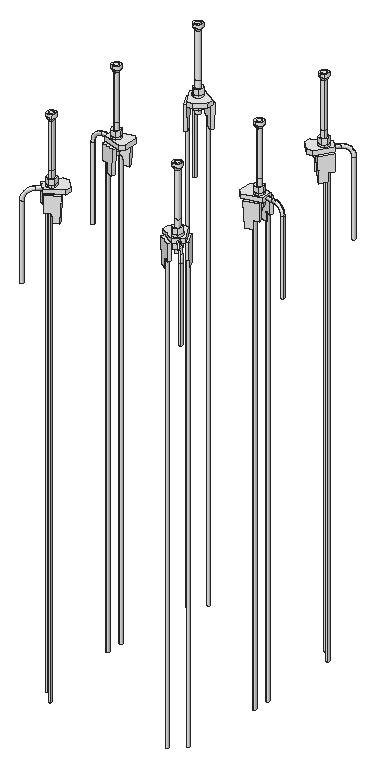
Revit family "8044ad941d144f5195dd5b1ef7dc6048", category Structural Connections, host Face, Revit 2021
Family settings
  Host = Face
  Material for Model Behavior = Other
  Enable cutting in views = No
  Cut with Voids When Loaded = Yes
  Shared = No
Parameters (values of type "HCC 16-640H")
  l = 0' - 11.81102"
  h [instance] = 1' - 11.62205"
  f = 0' - 4.13386"
  b [instance] = 1' - 3.74803"
  a = 0' - 1.9685"
  X = 0' - 1.1811"
  Type Comments = "Mountingpart"
  T = 0' - 0.59055"
  Phi = 0' - 1.06299"
  L [instance] = 4' - 11.05512"
  K = 0' - 4.40945"
  E = 0' - 1.9685"
  Default Elevation = 0' - 0"
  D = 0' - 5.35433"
  Column Shoe Type = Column Shoe and Anchor Bolt : HCC 16-640H
  Column Shoe Material [instance] = Metal - Steel - S235
  C = 0' - 3.46457"
Types (10): name | l | h | f | b | T | Phi | K | E | D | Column Shoe Type | C
  HCC 16-640H | 0' - 11.81102" | 1' - 11.62205" | 0' - 4.13386" | 1' - 3.74803" | 0' - 0.59055" | 0' - 1.06299" | 0' - 4.40945" | 0' - 1.9685" | 0' - 5.35433" | Column Shoe and Anchor Bolt : HCC 16-640H | 0' - 3.46457"
  HCC 16-640S | 0' - 11.81102" | 2' - 7.49606" | 0' - 4.13386" | 1' - 3.74803" | 0' - 0.59055" | 0' - 1.06299" | 0' - 4.40945" | 0' - 1.9685" | 0' - 5.35433" | Column Shoe and Anchor Bolt : HCC 16-640S | 0' - 3.46457"
  HCC 20-830H | 1' - 5.71654" | 2' - 7.49606" | 0' - 4.52756" | 1' - 3.74803" | 0' - 0.7874" | 0' - 1.1811" | 0' - 4.6063" | 0' - 1.9685" | 0' - 5.55118" | Column Shoe and Anchor Bolt : HCC 20-830H | 0' - 3.74016"
  HCC 20-830S | 1' - 5.71654" | 2' - 7.49606" | 0' - 4.52756" | 1' - 3.74803" | 0' - 0.7874" | 0' - 1.1811" | 0' - 4.6063" | 0' - 1.9685" | 0' - 5.55118" | Column Shoe and Anchor Bolt : HCC 20-830S | 0' - 3.74016"
  HCC 24-905H | 1' - 9.65354" | 2' - 7.49606" | 0' - 5.11811" | 1' - 3.74803" | 0' - 0.98425" | 0' - 1.37795" | 0' - 4.84252" | 0' - 1.9685" | 0' - 5.90551" | Column Shoe and Anchor Bolt : HCC 24-905H | 0' - 4.17323"
  HCC 24-905S | 1' - 9.65354" | 2' - 7.49606" | 0' - 5.11811" | 1' - 3.74803" | 0' - 0.98425" | 0' - 1.37795" | 0' - 4.84252" | 0' - 0.7874" | 0' - 5.90551" | Column Shoe and Anchor Bolt : HCC 24-905S | 0' - 4.17323"
  HCC 30-1100H | 2' - 7.49606" | 4' - 11.05512" | 0' - 5.90551" | 2' - 7.49606" | 0' - 1.37795" | 0' - 1.5748" | 0' - 5.90551" | 0' - 1.9685" | 0' - 11.33858" | Column Shoe and Anchor Bolt : HCC 30-1100H | 0' - 4.68504"
  HCC 30-1100S | 2' - 7.49606" | 4' - 11.05512" | 0' - 5.90551" | 3' - 3.37008" | 0' - 1.37795" | 0' - 1.5748" | 0' - 5.90551" | 0' - 1.9685" | 0' - 11.33858" | Column Shoe and Anchor Bolt : HCC 30-1100S | 0' - 4.68504"
  HCC M30-1200H | 3' - 5.33858" | 2' - 7.49606" | 0' - 6.49606" | 1' - 3.74803" | 0' - 1.77165" | 0' - 1.77165" | 0' - 6.81102" | 0' - 1.9685" | 0' - 8.66142" | Column Shoe and Anchor Bolt : HCC M30-1200H | 0' - 5.27559"
  HCC M30-1200S | 3' - 5.33858" | 4' - 11.05512" | 0' - 6.49606" | 3' - 3.37008" | 0' - 1.77165" | 0' - 1.77165" | 0' - 6.81102" | 0' - 1.9685" | 0' - 8.66142" | Column Shoe and Anchor Bolt : HCC M30-1200S | 0' - 5.27559"
Reference planes (in)
  plane 1 "Center (Front/Back)": y = 0
  plane 2: z = 0
  plane 3 "Center (Left/Right)": x = 0
  plane 4: y = 11.81102
  plane 5: y = -11.81102
  plane 6: x = -7.87402
  plane 7: x = 7.87402
  plane 8: y = 10.62992
  plane 9: y = -10.62992
  plane 10: x = -6.69291
  plane 11: x = 6.69291
  plane 12: y = 3.93701
  plane 13: y = -3.93701
Lines and regions (in)
  reference lines
    curve 1: line (-7.87402, -3.93701, 0) -> (7.87402, 11.81102, 0)
    curve 2: line (7.87402, 3.93701, 0) -> (-7.87402, -11.81102, 0)
    curve 3: line (7.87402, -11.81102, 0) -> (-7.87402, 3.93701, 0)
    curve 4: line (-7.87402, 11.81102, 0) -> (7.87402, -3.93701, 0)
    curve 5: line (-7.87402, 10.62992, 0) -> (-6.69291, 11.81102, 0)
    curve 6: line (6.69291, 11.81102, 0) -> (7.87402, 10.62992, 0)
    curve 7: line (-7.87402, -10.62992, 0) -> (-6.69291, -11.81102, 0)
    curve 8: line (6.69291, -11.81102, 0) -> (7.87402, -10.62992, 0)
Dimensions and locks (in)
  equal spacing: plane 4, plane 1 "Center (Front/Back)", plane 5
  equal spacing: plane 6, plane 3 "Center (Left/Right)", plane 7
  "b": plane 6 to plane 7
  "h": plane 4 to plane 5
  "b": plane 12 to plane 5
  "b": plane 4 to plane 13
  "X": plane 4 to plane 8
  "X": plane 5 to plane 9
  "X": plane 6 to plane 10
  "X": plane 11 to plane 7
  aligned and locked: plane 2 to host face
  aligned and locked: level to host face
  aligned and locked: plane 4 to curve 4
  aligned and locked: plane 6 to curve 4
  aligned and locked: plane 12 to curve 3
  aligned and locked: plane 6 to curve 3
  aligned and locked: plane 13 to curve 1
  aligned and locked: plane 6 to curve 1
  aligned and locked: plane 5 to curve 2
  aligned and locked: plane 6 to curve 2
  aligned and locked: plane 4 to curve 1
  aligned and locked: plane 7 to curve 1
  aligned and locked: plane 12 to curve 2
  aligned and locked: plane 7 to curve 2
  aligned and locked: plane 13 to curve 4
  aligned and locked: plane 7 to curve 4
  aligned and locked: plane 5 to curve 3
  aligned and locked: plane 7 to curve 3
  aligned and locked: plane 8 to curve 5
  aligned and locked: plane 6 to curve 5
  aligned and locked: plane 10 to curve 5
  aligned and locked: plane 4 to curve 5
  aligned and locked: plane 4 to curve 6
  aligned and locked: plane 11 to curve 6
  aligned and locked: plane 8 to curve 6
  aligned and locked: plane 7 to curve 6
  aligned and locked: plane 9 to curve 7
  aligned and locked: plane 6 to curve 7
  aligned and locked: plane 5 to curve 7
  aligned and locked: plane 10 to curve 7
  aligned and locked: plane 5 to curve 8
  aligned and locked: plane 11 to curve 8
  aligned and locked: plane 9 to curve 8
  aligned and locked: plane 7 to curve 8
  aligned and locked: nested 1 to curve 4
  aligned and locked: nested 1 to curve 5
  aligned and locked: curve 1 to nested 5
  aligned and locked: nested 5 to curve 6
  aligned and locked: curve 2 to nested 3
  aligned and locked: nested 3 to curve 7
  aligned and locked: nested 7 to curve 3
  aligned and locked: nested 7 to curve 8
  aligned and locked: plane 6 to nested 9
  aligned and locked: nested 9 to plane 1 "Center (Front/Back)"
  aligned and locked: plane 7 to nested 11
  aligned and locked: plane 1 "Center (Front/Back)" to nested 11
Automatic sketch dimensions
  host sketch curve to host sketch curve = 8' - 0"  (x2)
Nested families (in)
  nested 1: "Column Shoe and Anchor Bolt" at (-10.93035, 14.86736, 0) x (0.7071, 0.7071, 0) z (0, 0, -1), type <- "Column Shoe Type", Column Shoe Material <- "Column Shoe Material", L <- "L", type "HCC 16-640H"
    with L 4' - 11.05512", Column Shoe Material Metal - Steel - S235
  nested 2: "HAB" at (-8.66142, 12.59843, -0.59055) x (0.7071, 0.7071, 0) z (0, 0, -1), type "HAB H16"
    with Anchor Bolt Material Metal - Steel - S235, l2 0' - 6.88976", l 0' - 11.02362", f1 0' - 1.5748", f 0' - 4.13386", r3 0' - 0.31496", r1 0' - 0.31496", d3 0' - 0.62992", d1 0' - 0.62992", Washers Radius 0' - 0.6378", T 0' - 0.59055", Phi 0' - 1.06299", Nut Width 0' - 1.10469", Cap Radius 0' - 0.56693"
  nested 3: "Column Shoe and Anchor Bolt" at (-10.93035, -14.86736, 0) x (-0.7071, 0.7071, 0) z (0, 0, -1), type <- "Column Shoe Type", Column Shoe Material <- "Column Shoe Material", L <- "L", type "HCC 16-640H"
    with L 4' - 11.05512", Column Shoe Material Metal - Steel - S235
  nested 4: "HAB" at (-8.66142, -12.59843, -0.59055) x (-0.7071, 0.7071, 0) z (0, 0, -1), type "HAB H16"
    with Anchor Bolt Material Metal - Steel - S235, l2 0' - 6.88976", l 0' - 11.02362", f1 0' - 1.5748", f 0' - 4.13386", r3 0' - 0.31496", r1 0' - 0.31496", d3 0' - 0.62992", d1 0' - 0.62992", Washers Radius 0' - 0.6378", T 0' - 0.59055", Phi 0' - 1.06299", Nut Width 0' - 1.10469", Cap Radius 0' - 0.56693"
  nested 5: "Column Shoe and Anchor Bolt" at (10.93035, 14.86736, 0) x (0.7071, -0.7071, 0) z (0, 0, -1), type <- "Column Shoe Type", Column Shoe Material <- "Column Shoe Material", L <- "L", type "HCC 16-640H"
    with L 4' - 11.05512", Column Shoe Material Metal - Steel - S235
  nested 6: "HAB" at (8.66142, 12.59843, -0.59055) x (0.7071, -0.7071, 0) z (0, 0, -1), type "HAB H16"
    with Anchor Bolt Material Metal - Steel - S235, l2 0' - 6.88976", l 0' - 11.02362", f1 0' - 1.5748", f 0' - 4.13386", r3 0' - 0.31496", r1 0' - 0.31496", d3 0' - 0.62992", d1 0' - 0.62992", Washers Radius 0' - 0.6378", T 0' - 0.59055", Phi 0' - 1.06299", Nut Width 0' - 1.10469", Cap Radius 0' - 0.56693"
  nested 7: "Column Shoe and Anchor Bolt" at (10.93035, -14.86736, 0) x (-0.7071, -0.7071, 0) z (0, 0, -1), type <- "Column Shoe Type", Column Shoe Material <- "Column Shoe Material", L <- "L", type "HCC 16-640H"
    with L 4' - 11.05512", Column Shoe Material Metal - Steel - S235
  nested 8: "HAB" at (8.66142, -12.59843, -0.59055) x (-0.7071, -0.7071, 0) z (0, 0, -1), type "HAB H16"
    with Anchor Bolt Material Metal - Steel - S235, l2 0' - 6.88976", l 0' - 11.02362", f1 0' - 1.5748", f 0' - 4.13386", r3 0' - 0.31496", r1 0' - 0.31496", d3 0' - 0.62992", d1 0' - 0.62992", Washers Radius 0' - 0.6378", T 0' - 0.59055", Phi 0' - 1.06299", Nut Width 0' - 1.10469", Cap Radius 0' - 0.56693"
  nested 9: "Column Shoe and Anchor Bolt" at (-13.0315, 0, 0) x (0, 1, 0) z (0, 0, -1), type <- "Column Shoe Type", Column Shoe Material <- "Column Shoe Material", L <- "L", type "HCC 16-640H"
    with L 4' - 11.05512", Column Shoe Material Metal - Steel - S235
  nested 10: "HAB" at (-9.82274, 0, -0.59055) x (0, 1, 0) z (0, 0, -1), type "HAB H16"
    with Anchor Bolt Material Metal - Steel - S235, l2 0' - 6.88976", l 0' - 11.02362", f1 0' - 1.5748", f 0' - 4.13386", r3 0' - 0.31496", r1 0' - 0.31496", d3 0' - 0.62992", d1 0' - 0.62992", Washers Radius 0' - 0.6378", T 0' - 0.59055", Phi 0' - 1.06299", Nut Width 0' - 1.10469", Cap Radius 0' - 0.56693"
  nested 11: "Column Shoe and Anchor Bolt" at (13.0315, 0, 0) x (0, -1, 0) z (0, 0, -1), type <- "Column Shoe Type", Column Shoe Material <- "Column Shoe Material", L <- "L", type "HCC 16-640H"
    with L 4' - 11.05512", Column Shoe Material Metal - Steel - S235
  nested 12: "HAB" at (9.82274, 0, -0.59055) x (0, -1, 0) z (0, 0, -1), type "HAB H16"
    with Anchor Bolt Material Metal - Steel - S235, l2 0' - 6.88976", l 0' - 11.02362", f1 0' - 1.5748", f 0' - 4.13386", r3 0' - 0.31496", r1 0' - 0.31496", d3 0' - 0.62992", d1 0' - 0.62992", Washers Radius 0' - 0.6378", T 0' - 0.59055", Phi 0' - 1.06299", Nut Width 0' - 1.10469", Cap Radius 0' - 0.56693"
Definition of nested family "Column Shoe and Anchor Bolt"
  Parameters
    Type Comments = "Mountingpart"
    Phi = 0' - 1.06299"
    Semi Phi = 0.5 * Phi  # 0' - 0.5315"
    y2 = C * sin(45.00°)  # 0' - 2.44982"
    y1 = (E - X) * sin(45.00°)  # 0' - 0.55678"
    x3 = E * (2 * sin(45.00°) - C / d)  # 0' - 1.46153"
    x2 = 2 * E * sin(45.00°)  # 0' - 2.78388"
    x1 = 2 * X * sin(45.00°)  # 0' - 1.67033"
    t1 = 0' - 0.3937"
    f = 0' - 4.13386"
    a = 0' - 1.9685"
    X = 0' - 1.1811"
    l = 0' - 11.81102"
    k1 = d * sin(45.00°) + 0.5 * X  # 0' - 4.23744"
    d = D - R1  # 0' - 5.15748"
    T = 0' - 0.59055"
    O3 = 0' - 0.59055"
    O4 = 0' - 0.7874"
    O2 = 0' - 0.19685"
    O1 = 0' - 0.3937"
    L [instance] = 4' - 11.05512"
    Real K = R1 + k1  # 0' - 4.43429"
    e1 = (2 * E - X) * sin(45.00°)  # 0' - 1.94872"
    K = 0' - 4.40945"
    E = 0' - 1.9685"
    Default Elevation = 0' - 0"
    Semi dbr = 7 * R2  # 0' - 1.37795"
    D = 0' - 5.35433"
    Column Shoe Material [instance] = none
    C = 0' - 3.46457"
    R2 = 0' - 0.19685"
    R1 = 0' - 0.19685"
    Bolt Type = HAB : HAB H16
    B2 = B - 0' 1.1811"  # 0' - 2.16535"
    B = 0' - 3.34646"
  Reference planes (in)
    plane 1 "Center (Front/Back)": y = 0
    plane 2: z = 0
    plane 3 "Center (Left/Right)": x = 0
    plane 4: z = 0.59055
    plane 5: z = 0.29528
    plane 6: z = 11.81102
    plane 7: z = 3.93701
    plane 8: z = 2.75591
    plane 9: y = 5.15748
    plane 10: x = -1.39194
    plane 11: x = 1.39194
    plane 12: y = 4.6007
    plane 13: y = 2.15088
    plane 14: x = -0.83517
    plane 15: x = 0.83517
    plane 16: x = -0.73077
    plane 17: x = 0.73077
    plane 18: y = 3.20876
    plane 19: y = 2.93829
    plane 20: z = 62.99213
  Forms (in)
    Extrusion 1, solid
      sketch origin (0, 0, 0) x (1, 0, 0) y (0, 1, 0)
        loop
          line (-48, 48) -> (-48, -48) -> (48, -48) -> (48, 48) -> (-48, 48)
      from 0 to -12
    Sweep 2, solid, material <- "Column Shoe Material"
      path in 3D
        loop
          line (0, 0, 11.81102) -> (0, 0, 1.67323)
          arc (0, 0, 1.67323) -> (0, 0.40359, 0.69887) -> (0, 1.37795, 0.29528) r 1.37795
          line (0, 1.37795, 0.29528) -> (0, 2.81506, 0.29528)
      profile origin (0, 0.40359, 0.69887) x (0, 0.707107, 0.707107) y (1, 0, 0)
        loop
          circle (0, 0) r 0.19685
    Extrusion 3, void
      sketch origin (-0.03635, 4.65317, 0) x (1, 0, 0) y (0, 1, 0)
        loop
          circle (0.03635, -1.44441) r 0.5315
      from 0 to 3.93701
    Blend 4, solid, material <- "Column Shoe Material"
      base sketch origin (-0.18342, 0.17505, 0) x (-1, 0, 0) y (0, -1, 0)
        loop
          line (-1.47277, -4.04555) -> (-0.96547, -2.16589) -> (-1.34557, -2.0633) -> (-1.85287, -3.94297) -> (-1.47277, -4.04555)
      top sketch origin (-0.18342, 0.17505, 0) x (-1, 0, 0) y (0, -1, 0)
        loop
          line (-1.42148, -3.8555) -> (-0.96547, -2.16589) -> (-1.34557, -2.0633) -> (-1.80158, -3.75292) -> (-1.42148, -3.8555)
      from 0.59055 to 3.93701
    Extrusion 5, solid, material <- "Column Shoe Material"
      sketch origin (1.96539, -0.28862, 0) x (1, 0, 0) y (0, 1, 0)
        loop
          circle (-3.11256, 3.22691) r 0.19685
        loop
          circle (-0.81822, 3.22691) r 0.19685
      from 2.75591 to 62.99213
    Extrusion 6, void
      sketch origin (0, -1.92772, 0) x (0, -1, 0) y (0, 0, 1)
        loop
          line (-4.07861, 3.93701) -> (-4.86601, 3.93701) -> (-4.86601, 2.75591) -> (-4.07861, 2.75591) -> (-4.07861, 3.93701)
      from -1.39194 to 1.39194
    Extrusion 7, solid, material <- "Column Shoe Material"
      sketch origin (0, 0, 0) x (1, 0, 0) y (0, 1, 0)
        loop
          line (0.83517, 5.15748) -> (-0.83517, 5.15748) -> (-1.39194, 4.6007) -> (-0.73077, 2.15088) -> (0.73077, 2.15088) -> (1.39194, 4.6007) -> (0.83517, 5.15748)
        loop
          circle (0, 3.20876) r 0.5315
      from 0 to 0.59055
    Blend 8, solid, material <- "Column Shoe Material"
      base sketch origin (0.18342, 0.17505, 0) x (1, 0, 0) y (0, 1, 0)
        loop
          line (-1.47277, 4.04555) -> (-1.85287, 3.94297) -> (-1.34557, 2.0633) -> (-0.96547, 2.16589) -> (-1.47277, 4.04555)
      top sketch origin (0.18342, 0.17505, 0) x (1, 0, 0) y (0, 1, 0)
        loop
          line (-1.42148, 3.8555) -> (-1.80158, 3.75292) -> (-1.34557, 2.0633) -> (-0.96547, 2.16589) -> (-1.42148, 3.8555)
      from 0.59055 to 3.93701
  Cuts and joins
    Extrusion 3, Extrusion 6 cuts Sweep 2
    joined: Sweep 2, Extrusion 7
    Extrusion 6 cuts Blend 4
    Extrusion 6 cuts Blend 8
  Lines and regions (in)
    reference lines
      curve 1: line (0, 3.24836, 0.29528) -> (0, 1.37795, 0.29528)
      curve 2: line (0, 0, 1.67323) -> (0, 0, 11.81102)
      curve 3: arc (0, 0, 1.67323) -> (0, 0.40359, 0.69887) -> (0, 1.37795, 0.29528) r 1.37795
      curve 7: line (0.73077, 2.15088, 0) -> (1.39194, 4.6007, 0)
      curve 8: line (-0.73077, 2.15088, 0) -> (-1.39194, 4.6007, 0)
    sketch lines
      curve 4: arc (0, 0, 1.67323) -> (0, 0.40359, 0.69887) -> (0, 1.37795, 0.29528) r 1.37795
      curve 5: line (0, 2.81506, 0.29528) -> (0, 1.37795, 0.29528)
      curve 6: line (0, 0, 1.67323) -> (0, 0, 11.81102)
  Dimensions and locks (in)
    "T": plane 4 to level
    "l": plane 6 to plane 2
    equal spacing: plane 4, plane 5, plane 2
    "B": plane 7 to plane 4
    "B2": plane 4 to plane 8
    equal spacing: plane 16, plane 3 "Center (Left/Right)", plane 17
    equal spacing: plane 14, plane 3 "Center (Left/Right)", plane 15
    equal spacing: plane 10, plane 3 "Center (Left/Right)", plane 11
    "x2": plane 10 to plane 11
    "x1": plane 14 to plane 15
    "x3": plane 16 to plane 17
    "y1": plane 9 to plane 12
    "y2": plane 12 to plane 13
    "d": plane 9 to plane 1 "Center (Front/Back)"
    "e1": plane 9 to plane 18
    "t1": Blend 4 sketch curve to Blend 4 sketch curve  (x2)
    "O2": Extrusion 7 to Blend 4 sketch curve
    "O1": Blend 4 sketch curve to curve 7
    "O2": curve 7 to Blend 4 sketch curve
    "O4": plane 13 to plane 19
    equal spacing: cut or joined group of Blend 4, Extrusion 6, Extrusion 5 sketch curve, Extrusion 7
    "O3": Blend 4 sketch curve to curve 7
    "t1": Blend 8 sketch curve to Blend 8 sketch curve  (x2)
    "O1": curve 8 to Blend 8 sketch curve
    "O2": Blend 8 sketch curve to curve 8  (x2)
    "O3": curve 8 to Blend 8 sketch curve
    equal spacing: Blend 8, Extrusion 5 sketch curve, Blend 8
    "L": plane 20 to plane 7
    "Semi dbr": radius of curve 3
    "R1": radius of Sweep 2 sketch curve
    "R2": radius of Extrusion 5 sketch curve  (x2)
    "Semi Phi": radius of Extrusion 7 sketch curve
    locked: Extrusion 7 to Blend 4 sketch curve (angle 90.00°)
    aligned and locked: plane 2 to Extrusion 1
    aligned and locked: level to Extrusion 1
    aligned and locked: curve 1 to plane 5
    aligned and locked: plane 1 "Center (Front/Back)" to curve 2
    aligned and locked: plane 6 to curve 2
    aligned and locked: Extrusion 3 to Extrusion 1
    aligned and locked: Blend 4 to plane 4
    aligned and locked: plane 8 to Extrusion 5
    aligned and locked: Extrusion 6 sketch curve to Blend 4
    aligned and locked: Extrusion 3 sketch curve to Extrusion 7
    aligned and locked: plane 4 to Extrusion 7
    aligned and locked: Extrusion 7 sketch curve to plane 9
    aligned and locked: plane 3 "Center (Left/Right)" to Extrusion 7 sketch curve
    aligned and locked: plane 12 to Extrusion 7 sketch curve  (x2)
    aligned and locked: plane 18 to Extrusion 7 sketch curve
    aligned and locked: plane 15 to Extrusion 7 sketch curve
    aligned and locked: plane 9 to Extrusion 7 sketch curve
    aligned and locked: plane 13 to Extrusion 7 sketch curve
    aligned and locked: plane 17 to Extrusion 7 sketch curve
    aligned and locked: plane 14 to Extrusion 7 sketch curve
    aligned and locked: plane 10 to Extrusion 7 sketch curve
    aligned and locked: plane 16 to Extrusion 7 sketch curve
    aligned and locked: plane 12 to curve 7
    aligned and locked: plane 11 to curve 7
    aligned and locked: plane 17 to curve 7
    aligned and locked: plane 13 to curve 7
    aligned and locked: plane 12 to curve 8
    aligned and locked: plane 10 to curve 8
    aligned and locked: plane 16 to curve 8
    aligned and locked: plane 13 to curve 8
    aligned and locked: Blend 4 sketch curve to curve 7
    aligned and locked: var sketch to Blend 4 sketch curve
    aligned and locked: plane 19 to Extrusion 5 sketch curve  (x2)
    aligned and locked: var sketch to Blend 8 sketch curve
    aligned and locked: Extrusion 7 to Blend 8 sketch curve
    aligned and locked: Extrusion 6 to plane 19
    aligned and locked: Extrusion 6 to Extrusion 7
    aligned and locked: plane 7 to Extrusion 3
    aligned and locked: plane 7 to Blend 4
    aligned and locked: plane 7 to Blend 8
    aligned and locked: Blend 8 to plane 4
    aligned and locked: plane 20 to Extrusion 5
    aligned and locked: Extrusion 6 to plane 11
    aligned and locked: Extrusion 6 to plane 10
    aligned and locked: plane 3 "Center (Left/Right)" to nested 1
    aligned and locked: nested 1 to plane 18
  Automatic sketch dimensions
    Extrusion 1 sketch curve to Extrusion 1 sketch curve = 8' - 0"  (x2)
    plane 18 to curve 1 = 0' - 0.03959"
    Sweep 2 sketch curve to profile plane = 0' - 0"  (x2)
    plane 8 to Extrusion 6 sketch curve = 0' - 0"
    Extrusion 6 sketch curve to plane 13 = 0' - 0.7874"
    Extrusion 6 sketch curve to plane 1 "Center (Front/Back)" = 0' - 2.15088"
    Extrusion 7 sketch curve to plane 11 = 0' - 0"
  Nested families (in)
    nested 1: "HAB" at (0, 3.20876, 0.59055), type <- "Bolt Type", type "HAB H16"
      with Anchor Bolt Material none, l2 0' - 6.88976", l 0' - 11.02362", f1 0' - 1.5748", f 0' - 4.13386", r3 0' - 0.31496", r1 0' - 0.31496", d3 0' - 0.62992", d1 0' - 0.62992", Washers Radius 0' - 0.6378", T 0' - 0.59055", Phi 0' - 1.06299", Nut Width 0' - 1.10469", Cap Radius 0' - 0.56693"
  Definition of nested family "HAB"
    Parameters
      l2 = 0' - 9.25197"
      l = 1' - 1.77953"
      f1 = f - a - T  # 0' - 1.77165"
      f = 0' - 4.52756"
      r3 = 0.5 * d3  # 0' - 0.3937"
      r1 = 0.5 * d1  # 0' - 0.3937"
      d3 = 0' - 0.7874"
      d1 = 0' - 0.7874"
      a = 0' - 1.9685"
      Washers Thickness = 0' - 0.19685"
      Washers Radius = 0.5 * Phi * 1.2  # 0' - 0.70866"
      Type Comments = "Mountingpart"
      T = 0' - 0.7874"
      Phi = 0' - 1.1811"
      Nut Width = 2 * Washers Radius * cos(30.00°)  # 0' - 1.22744"
      Nut Thickness = 0' - 0.7874"
      Cap = yes
      Anchor Bolt Material [instance] = none
      Default Elevation = 0' - 0"
      Cap Thickness = Nut Thickness  # 0' - 0.7874"
      Cap Radius = d1 * 0.9  # 0' - 0.70866"
    Reference planes (in)
      plane 1 "Center (Front/Back)": y = 0
      plane 2: z = 0
      plane 3 "Center (Left/Right)": x = 0
      plane 4: z = 0.19685
      plane 5: z = -0.7874
      plane 6: z = -0.98425
      plane 7: z = 0.98425
      plane 8: z = -1.77165
      plane 9: y = 0.35433
      plane 10: y = -0.35433
      plane 11: y = 0.70866
      plane 12: y = -0.70866
      plane 13: z = 1.77165
      plane 14: z = -12.00787
      plane 15: z = -11.22047
      plane 16: z = -2.75591
      plane 17: z = -11.61417
      plane 18: x = -0.61372
      plane 19: x = 0.61372
    Forms (in)
      Extrusion 1, solid
        sketch origin (0, 0, 0) x (1, 0, 0) y (0, 1, 0)
          loop
            line (-48, 48) -> (-48, -48) -> (48, -48) -> (48, 48) -> (-48, 48)
        from 0 to -6.78513
      Extrusion 2, solid, material <- "Anchor Bolt Material"
        sketch origin (0, 0, 0) x (1, 0, 0) y (0, 1, 0)
          loop
            circle (0, 0) r 0.3937
        from -2.75591 to 1.77165
      Extrusion 3, solid, material <- "Anchor Bolt Material"
        sketch origin (0, 0, 0) x (1, 0, 0) y (0, 1, 0)
          loop
            circle (0, 0) r 0.70866
        from 0 to 0.19685
      Extrusion 4, solid, material <- "Anchor Bolt Material"
        sketch origin (0, 0, -14.37008) x (1, 0, 0) y (0, 1, 0)
          loop
            circle (0, 0) r 0.70866
        from 13.38583 to 13.58268
      Extrusion 5, solid, material <- "Anchor Bolt Material"
        sketch origin (0, 0, 0) x (1, 0, 0) y (0, 1, 0)
          loop
            line (0, 0.70866) -> (-0.61372, 0.35433) -> (-0.61372, -0.35433) -> (0, -0.70866) -> (0.61372, -0.35433) -> (0.61372, 0.35433) -> (0, 0.70866)
        from 0.19685 to 0.98425
      Extrusion 6, solid, material <- "Anchor Bolt Material"
        sketch origin (0, 0, -15.74803) x (1, 0, 0) y (0, 1, 0)
          loop
            line (-0.61372, 0.35433) -> (-0.61372, -0.35433) -> (0, -0.70866) -> (0.61372, -0.35433) -> (0.61372, 0.35433) -> (0, 0.70866) -> (-0.61372, 0.35433)
        from 13.97638 to 14.76378
      Extrusion 7, solid, material <- "Anchor Bolt Material"
        sketch origin (0, 0, -2.96548) x (1, 0, 0) y (0, 1, 0)
          loop
            circle (0, 0) r 0.3937
        from -9.04239 to 0.20957
      Blend 8, solid, material <- "Anchor Bolt Material", visible <- "Cap"
        base sketch origin (-1.67336, -180, -11.22047) x (-1, 0, 0) y (0, -1, 0)
          loop
            circle (-1.67336, -180) r 0.3937
        top sketch origin (-1.67336, -180, -11.22047) x (-1, 0, 0) y (0, -1, 0)
          loop
            circle (-1.67336, -180) r 0.70866
        from 0 to -0.3937
      Extrusion 9, solid, material <- "Anchor Bolt Material", visible <- "Cap"
        sketch origin (-1.41732, -180, -12.00787) x (-1, 0, 0) y (0, -1, 0)
          loop
            circle (-1.41732, -180) r 0.70866
        from 0 to 0.3937
    Cuts and joins
      joined: Extrusion 2, Extrusion 3, Extrusion 4, Extrusion 5, Extrusion 6, Extrusion 7
      joined: Blend 8, Extrusion 9
    Dimensions and locks (in)
      "T": plane 2 to plane 5
      "Washers Thickness": plane 5 to plane 6
      "Washers Thickness": plane 4 to level
      "Nut Thickness": plane 7 to plane 4
      "Nut Thickness": plane 6 to plane 8
      "Washers Radius": plane 1 "Center (Front/Back)" to plane 11
      "Washers Radius": plane 12 to plane 1 "Center (Front/Back)"
      equal spacing: plane 9, plane 1 "Center (Front/Back)", plane 10
      "Washers Radius": plane 9 to plane 10
      "l": plane 13 to plane 14
      "Cap Thickness": plane 15 to plane 14
      "l2": plane 16 to plane 14
      "f1": plane 13 to plane 2
      equal spacing: plane 15, plane 17, plane 14
      equal spacing: plane 18, plane 3 "Center (Left/Right)", plane 19
      "Nut Width": plane 18 to plane 19
      "r3": radius of Extrusion 2 sketch curve
      "Washers Radius": radius of Extrusion 3 sketch curve
      "Washers Radius": radius of Extrusion 4 sketch curve
      "r1": radius of Extrusion 7 sketch curve
      "r1": radius of Blend 8 sketch curve
      "Cap Radius": radius of Blend 8 sketch curve
      "Cap Radius": radius of Extrusion 9 sketch curve
      aligned and locked: plane 2 to Extrusion 1
      aligned and locked: level to Extrusion 1
      aligned and locked: plane 1 "Center (Front/Back)" to Extrusion 2 sketch curve
      aligned and locked: plane 3 "Center (Left/Right)" to Extrusion 2 sketch curve
      aligned and locked: plane 1 "Center (Front/Back)" to Extrusion 3 sketch curve
      aligned and locked: plane 3 "Center (Left/Right)" to Extrusion 3 sketch curve
      aligned and locked: plane 4 to Extrusion 3
      aligned and locked: Extrusion 3 to level
      aligned and locked: plane 5 to Extrusion 4
      aligned and locked: Extrusion 4 to plane 6
      aligned and locked: plane 1 "Center (Front/Back)" to Extrusion 4 sketch curve
      aligned and locked: plane 3 "Center (Left/Right)" to Extrusion 4 sketch curve
      aligned and locked: plane 7 to Extrusion 5
      aligned and locked: Extrusion 5 to plane 4
      aligned and locked: plane 11 to Extrusion 5 sketch curve
      aligned and locked: plane 3 "Center (Left/Right)" to Extrusion 5 sketch curve  (x2)
      aligned and locked: plane 12 to Extrusion 5 sketch curve
      aligned and locked: plane 10 to Extrusion 5 sketch curve  (x2)
      aligned and locked: plane 6 to Extrusion 6
      aligned and locked: Extrusion 6 to plane 8
      aligned and locked: plane 13 to Extrusion 2
      aligned: Extrusion 2 to plane 14
      aligned and locked: plane 10 to Extrusion 6 sketch curve  (x2)
      aligned and locked: Extrusion 2 to plane 16
      aligned: Extrusion 7 to plane 15
      aligned and locked: plane 1 "Center (Front/Back)" to Blend 8 sketch curve  (x2)
      aligned and locked: plane 3 "Center (Left/Right)" to Blend 8 sketch curve  (x2)
      aligned and locked: Blend 8 to plane 17
      aligned and locked: plane 15 to Blend 8
      aligned and locked: plane 1 "Center (Front/Back)" to Extrusion 9 sketch curve
      aligned and locked: plane 3 "Center (Left/Right)" to Extrusion 9 sketch curve
      aligned and locked: plane 17 to Extrusion 9
      aligned and locked: plane 18 to Extrusion 5 sketch curve
      aligned and locked: Extrusion 5 sketch curve to plane 19
      aligned and locked: plane 9 to Extrusion 5 sketch curve  (x2)
      aligned and locked: plane 19 to Extrusion 6 sketch curve
      aligned and locked: plane 18 to Extrusion 6 sketch curve
      aligned and locked: plane 9 to Extrusion 6 sketch curve  (x2)
      aligned and locked: plane 11 to Extrusion 6 sketch curve
      aligned and locked: plane 3 "Center (Left/Right)" to Extrusion 6 sketch curve  (x2)
      aligned and locked: plane 12 to Extrusion 6 sketch curve
      aligned and locked: Extrusion 7 to plane 14
      aligned and locked: plane 16 to Extrusion 7
    Automatic sketch dimensions
      Extrusion 1 sketch curve to Extrusion 1 sketch curve = 8' - 0"  (x2)
      plane 1 "Center (Front/Back)" to Extrusion 7 sketch curve = 0' - 0"
      Extrusion 7 sketch curve to plane 3 "Center (Left/Right)" = 0' - 0"
Definition of nested family "HAB"
  Parameters
    l2 = 0' - 9.25197"
    l = 1' - 1.77953"
    f1 = f - a - T  # 0' - 1.77165"
    f = 0' - 4.52756"
    r3 = 0.5 * d3  # 0' - 0.3937"
    r1 = 0.5 * d1  # 0' - 0.3937"
    d3 = 0' - 0.7874"
    d1 = 0' - 0.7874"
    a = 0' - 1.9685"
    Washers Thickness = 0' - 0.19685"
    Washers Radius = 0.5 * Phi * 1.2  # 0' - 0.70866"
    Type Comments = "Mountingpart"
    T = 0' - 0.7874"
    Phi = 0' - 1.1811"
    Nut Width = 2 * Washers Radius * cos(30.00°)  # 0' - 1.22744"
    Nut Thickness = 0' - 0.7874"
    Cap = yes
    Anchor Bolt Material [instance] = none
    Default Elevation = 0' - 0"
    Cap Thickness = Nut Thickness  # 0' - 0.7874"
    Cap Radius = d1 * 0.9  # 0' - 0.70866"
  Reference planes (in)
    plane 1 "Center (Front/Back)": y = 0
    plane 2: z = 0
    plane 3 "Center (Left/Right)": x = 0
    plane 4: z = 0.19685
    plane 5: z = -0.7874
    plane 6: z = -0.98425
    plane 7: z = 0.98425
    plane 8: z = -1.77165
    plane 9: y = 0.35433
    plane 10: y = -0.35433
    plane 11: y = 0.70866
    plane 12: y = -0.70866
    plane 13: z = 1.77165
    plane 14: z = -12.00787
    plane 15: z = -11.22047
    plane 16: z = -2.75591
    plane 17: z = -11.61417
    plane 18: x = -0.61372
    plane 19: x = 0.61372
  Forms (in)
    Extrusion 1, solid
      sketch origin (0, 0, 0) x (1, 0, 0) y (0, 1, 0)
        loop
          line (-48, 48) -> (-48, -48) -> (48, -48) -> (48, 48) -> (-48, 48)
      from 0 to -6.78513
    Extrusion 2, solid, material <- "Anchor Bolt Material"
      sketch origin (0, 0, 0) x (1, 0, 0) y (0, 1, 0)
        loop
          circle (0, 0) r 0.3937
      from -2.75591 to 1.77165
    Extrusion 3, solid, material <- "Anchor Bolt Material"
      sketch origin (0, 0, 0) x (1, 0, 0) y (0, 1, 0)
        loop
          circle (0, 0) r 0.70866
      from 0 to 0.19685
    Extrusion 4, solid, material <- "Anchor Bolt Material"
      sketch origin (0, 0, -14.37008) x (1, 0, 0) y (0, 1, 0)
        loop
          circle (0, 0) r 0.70866
      from 13.38583 to 13.58268
    Extrusion 5, solid, material <- "Anchor Bolt Material"
      sketch origin (0, 0, 0) x (1, 0, 0) y (0, 1, 0)
        loop
          line (0, 0.70866) -> (-0.61372, 0.35433) -> (-0.61372, -0.35433) -> (0, -0.70866) -> (0.61372, -0.35433) -> (0.61372, 0.35433) -> (0, 0.70866)
      from 0.19685 to 0.98425
    Extrusion 6, solid, material <- "Anchor Bolt Material"
      sketch origin (0, 0, -15.74803) x (1, 0, 0) y (0, 1, 0)
        loop
          line (-0.61372, 0.35433) -> (-0.61372, -0.35433) -> (0, -0.70866) -> (0.61372, -0.35433) -> (0.61372, 0.35433) -> (0, 0.70866) -> (-0.61372, 0.35433)
      from 13.97638 to 14.76378
    Extrusion 7, solid, material <- "Anchor Bolt Material"
      sketch origin (0, 0, -2.96548) x (1, 0, 0) y (0, 1, 0)
        loop
          circle (0, 0) r 0.3937
      from -9.04239 to 0.20957
    Blend 8, solid, material <- "Anchor Bolt Material", visible <- "Cap"
      base sketch origin (-1.67336, -180, -11.22047) x (-1, 0, 0) y (0, -1, 0)
        loop
          circle (-1.67336, -180) r 0.3937
      top sketch origin (-1.67336, -180, -11.22047) x (-1, 0, 0) y (0, -1, 0)
        loop
          circle (-1.67336, -180) r 0.70866
      from 0 to -0.3937
    Extrusion 9, solid, material <- "Anchor Bolt Material", visible <- "Cap"
      sketch origin (-1.41732, -180, -12.00787) x (-1, 0, 0) y (0, -1, 0)
        loop
          circle (-1.41732, -180) r 0.70866
      from 0 to 0.3937
  Cuts and joins
    joined: Extrusion 2, Extrusion 3, Extrusion 4, Extrusion 5, Extrusion 6, Extrusion 7
    joined: Blend 8, Extrusion 9
  Dimensions and locks (in)
    "T": plane 2 to plane 5
    "Washers Thickness": plane 5 to plane 6
    "Washers Thickness": plane 4 to level
    "Nut Thickness": plane 7 to plane 4
    "Nut Thickness": plane 6 to plane 8
    "Washers Radius": plane 1 "Center (Front/Back)" to plane 11
    "Washers Radius": plane 12 to plane 1 "Center (Front/Back)"
    equal spacing: plane 9, plane 1 "Center (Front/Back)", plane 10
    "Washers Radius": plane 9 to plane 10
    "l": plane 13 to plane 14
    "Cap Thickness": plane 15 to plane 14
    "l2": plane 16 to plane 14
    "f1": plane 13 to plane 2
    equal spacing: plane 15, plane 17, plane 14
    equal spacing: plane 18, plane 3 "Center (Left/Right)", plane 19
    "Nut Width": plane 18 to plane 19
    "r3": radius of Extrusion 2 sketch curve
    "Washers Radius": radius of Extrusion 3 sketch curve
    "Washers Radius": radius of Extrusion 4 sketch curve
    "r1": radius of Extrusion 7 sketch curve
    "r1": radius of Blend 8 sketch curve
    "Cap Radius": radius of Blend 8 sketch curve
    "Cap Radius": radius of Extrusion 9 sketch curve
    aligned and locked: plane 2 to Extrusion 1
    aligned and locked: level to Extrusion 1
    aligned and locked: plane 1 "Center (Front/Back)" to Extrusion 2 sketch curve
    aligned and locked: plane 3 "Center (Left/Right)" to Extrusion 2 sketch curve
    aligned and locked: plane 1 "Center (Front/Back)" to Extrusion 3 sketch curve
    aligned and locked: plane 3 "Center (Left/Right)" to Extrusion 3 sketch curve
    aligned and locked: plane 4 to Extrusion 3
    aligned and locked: Extrusion 3 to level
    aligned and locked: plane 5 to Extrusion 4
    aligned and locked: Extrusion 4 to plane 6
    aligned and locked: plane 1 "Center (Front/Back)" to Extrusion 4 sketch curve
    aligned and locked: plane 3 "Center (Left/Right)" to Extrusion 4 sketch curve
    aligned and locked: plane 7 to Extrusion 5
    aligned and locked: Extrusion 5 to plane 4
    aligned and locked: plane 11 to Extrusion 5 sketch curve
    aligned and locked: plane 3 "Center (Left/Right)" to Extrusion 5 sketch curve  (x2)
    aligned and locked: plane 12 to Extrusion 5 sketch curve
    aligned and locked: plane 10 to Extrusion 5 sketch curve  (x2)
    aligned and locked: plane 6 to Extrusion 6
    aligned and locked: Extrusion 6 to plane 8
    aligned and locked: plane 13 to Extrusion 2
    aligned: Extrusion 2 to plane 14
    aligned and locked: plane 10 to Extrusion 6 sketch curve  (x2)
    aligned and locked: Extrusion 2 to plane 16
    aligned: Extrusion 7 to plane 15
    aligned and locked: plane 1 "Center (Front/Back)" to Blend 8 sketch curve  (x2)
    aligned and locked: plane 3 "Center (Left/Right)" to Blend 8 sketch curve  (x2)
    aligned and locked: Blend 8 to plane 17
    aligned and locked: plane 15 to Blend 8
    aligned and locked: plane 1 "Center (Front/Back)" to Extrusion 9 sketch curve
    aligned and locked: plane 3 "Center (Left/Right)" to Extrusion 9 sketch curve
    aligned and locked: plane 17 to Extrusion 9
    aligned and locked: plane 18 to Extrusion 5 sketch curve
    aligned and locked: Extrusion 5 sketch curve to plane 19
    aligned and locked: plane 9 to Extrusion 5 sketch curve  (x2)
    aligned and locked: plane 19 to Extrusion 6 sketch curve
    aligned and locked: plane 18 to Extrusion 6 sketch curve
    aligned and locked: plane 9 to Extrusion 6 sketch curve  (x2)
    aligned and locked: plane 11 to Extrusion 6 sketch curve
    aligned and locked: plane 3 "Center (Left/Right)" to Extrusion 6 sketch curve  (x2)
    aligned and locked: plane 12 to Extrusion 6 sketch curve
    aligned and locked: Extrusion 7 to plane 14
    aligned and locked: plane 16 to Extrusion 7
  Automatic sketch dimensions
    Extrusion 1 sketch curve to Extrusion 1 sketch curve = 8' - 0"  (x2)
    plane 1 "Center (Front/Back)" to Extrusion 7 sketch curve = 0' - 0"
    Extrusion 7 sketch curve to plane 3 "Center (Left/Right)" = 0' - 0"
